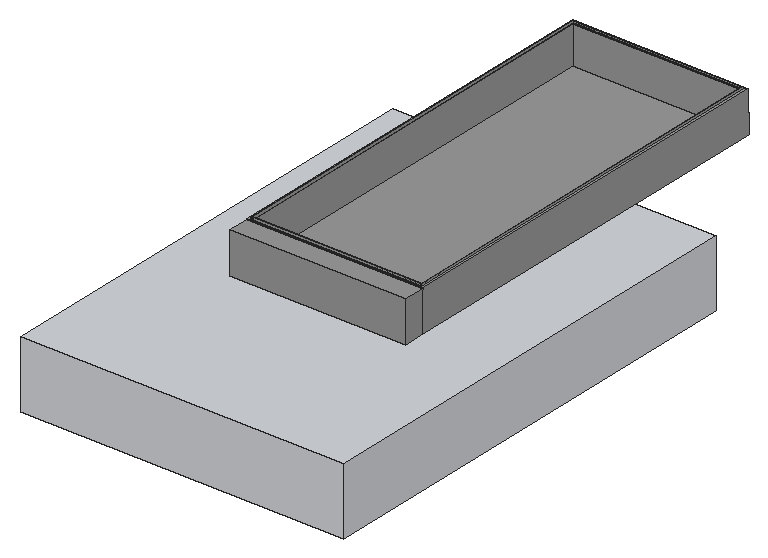
Revit family "Hager-Univers-IP30-D205-H1950-Cl.II-Encl-CH-de", category Equipement électrique, Revit 2020
Family settings
  Hôte = Face
  Configuration du panneau = Deux colonnes, circuits au sein
  Cote de connecteur circulaire = Utiliser le diamètre
  Type d'élément = Tableau de raccordement
  Couper avec des vides une fois chargée = Non
  Partagée = Non
  Point de calcul de pièce = Non
Parameters (values of type "Bodenaufstellung IP30 B800 H1950 T205  - FP23S1N")
  Width Control [instance] = if([EF000008 - Breite] > Min Width, [EF000008 - Breite], Min Width)  # 800 mm
  Commentaires du type = [HG000003 - Bereich]  # "Univers"
  Thickness Door [instance] = if([EF009171 - Materialstärke Tür/Deckel] > 3 mm, 3 mm, [EF009171 - Materialstärke Tür/Deckel])  # 1 mm
  Seal Frame Offset [instance] = 17 mm  # constant formula
  Plinth Visibility [instance] = [HG000027 - Sockelhöhe] > 0 mm  # yes
  Model = ""
  Min Width [instance] = 100 mm  # constant formula
  Min Height [instance] = 100 mm  # constant formula
  Min Depth [instance] = (2 * [EF009170 - Materialstärke Gehäuse]) + 1 mm  # 3 mm
  Internal Frame Depth [instance] = (Door System Depth * 0.5)  # 9 mm
  Height Control [instance] = if([EF000040 - Höhe] > Min Height, [EF000040 - Höhe], Min Height)  # 1950 mm
  HG000027 - Sockelhöhe = 100 mm
  HG000026 - Stehend auf dem Boden = yes
  HG000024 - Höhe des unteren Teils = 800 mm
  HG000023 - Gehäuse mit doppeltem Querschnitt = no
  HG000016 - 3D-Türsichtbarkeit [instance] = yes
  HG000015 - Sichtbarkeit der Türöffnung [instance] = no
  HG000014 - Tür rechts [instance] = yes
  HG000013 - Tür links [instance] = not([HG000014 - Tür rechts])  # no
  HG000012 - Türschwenkwinkel [instance] = 30.00°
  HG000010 - Asymmetrische Türen = no
  HG000009 - Doppelflügeligen Tür = no
  HG000006 - Unterputz = no
  HG000004 - Herstellerreferenz = "FP23S1N"
  HG000003 - Bereich = "Univers"
  HG000002 - Mit tür = no
  Frame Offset Bottom [instance] = 10 mm  # constant formula
  Frame Offset [instance] = 15 mm  # constant formula
  EF015940 - Deckel mit Überdruckentlastung = no
  EF011959 - Schutzart (NEMA) = ""
  EF009554 - Anzahl der Öffnungen für Flanschplatten = 6
  Fabricant = "Hager"  # constant formula
  EF009212 - Ausführung Deckel = "EV009916 - mit Ausschnitt"
  EF009171 - Materialstärke Tür/Deckel = 1 mm
  EF009170 - Materialstärke Gehäuse = 1 mm
  EF008873 - Nennstrom (In) = 400 A
  EF007800 - Geeignet für Blitzschutz = no
  EF006306 - Mit Schloss = no
  EF006244 - Transparenter Deckel/Tür = no
  EF005474 - Schutzart (IP) = "EV006410 - IP30"
  EF004464 - Art der Tür = "EV000494 - ohne"
  EF004427 - Anzahl der Module = 432
  EF004293 - Schlagfestigkeit = "EV006813 - IK07"
  EF003532 - Geeignet für Außengebrauch = no
  EF002950 - Breite in Teilungseinheiten = 36
  EF001613 - Funktionserhalt = "EV000494 - ohne"
  EF001596 - Werkstoff des Gehäuses = "EV000179 - Stahl"
  EF001131 - Innentiefe = 130 mm
  EF001088 - Anbaumöglichkeit = yes
  EF000437 - Anzahl der Leitungseinführungen = 6
  EF000339 - Art der Abdeckung = "EV000494 - ohne"
  EF000266 - Anzahl der Reihen = 12
  EF000218 - Einbautiefe = 0 mm
  EF000118 - Mit Montageplatte = no
  EF000116 - RAL-Nummer = "9010"
  EF000049 - Tiefe = 205 mm
  EF000040 - Höhe = 1950 mm
  EF000008 - Breite = 800 mm
  EF000007 - Farbe = "EV000202 - weiß"
  EF000003 - Montageart = "EV012274 - Bodenaufstellung"
  Door System Leaf Tolerance [instance] = 1.5 mm  # constant formula
  Door System Depth [instance] = 18 mm  # constant formula
  Door Height [instance] = Height Control - [HG000027 - Sockelhöhe]  # 1850 mm
  Depth Control [instance] = if([EF000049 - Tiefe] > Min Depth, [EF000049 - Tiefe], Min Depth)  # 205 mm
  Default Elevation = 0 mm
  Connector Offset [instance] = Height Control / 2  # 975 mm
  Bottom Top Plate Trim [instance] = 1.5 mm  # constant formula
  Plinth height Ctrl [instance] = if([HG000027 - Sockelhöhe] > 0 mm, [HG000027 - Sockelhöhe], 12 mm)  # 100 mm
Types (5, lengths in mm): name | Width Control | HG000004 - Herstellerreferenz | EF009554 - Anzahl der Öffnungen für Flanschplatten | EF008873 - Nennstrom (In) | EF004427 - Anzahl der Module | EF002950 - Breite in Teilungseinheiten | EF000437 - Anzahl der Leitungseinführungen | EF000008 - Breite
  Bodenaufstellung IP30 B1050 H1950 T205  - FP24S1N | 1050 | "FP24S1N" | 8 | 400 A | 576 | 48 | 8 | 1050
  Bodenaufstellung IP30 B1300 H1950 T205  - FP25S1N | 1300 | "FP25S1N" | 10 | 400 A | 720 | 60 | 10 | 1300
  Bodenaufstellung IP30 B300 H1950 T205  - FP21S1N | 300 | "FP21S1N" | 2 | 250 A | 144 | 12 | 2 | 300
  Bodenaufstellung IP30 B550 H1950 T205  - FP22S1N | 550 | "FP22S1N" | 4 | 400 A | 288 | 24 | 4 | 550
  Bodenaufstellung IP30 B800 H1950 T205  - FP23S1N | 800 | "FP23S1N" | 6 | 400 A | 432 | 36 | 6 | 800
Reference planes
  plane 1 "Center (Front/Back)": y = 0
  plane 2: z = 0
  plane 3 "Center (Left/Right)": x = 0
  plane 4: z = 205
  plane 5: y = 101
  plane 6: y = 1025
  plane 7: y = 100
  plane 8: y = 1950
  plane 9: z = 0
  plane 10: x = -385
  plane 11: x = 385
  plane 12: x = 384
  plane 13: x = -384
  plane 14: y = 1949
  plane 15: x = -383
  plane 16: x = -400
  plane 17: x = 383
  plane 18: x = 400
  plane 19: x = 399
  plane 20: x = -399
  plane 21: y = 111
  plane 22: y = 1950
  plane 23: y = 1934
  plane 24: z = 187
  plane 25: z = 1
  plane 26: z = 186
  plane 27: z = 204
Forms (mm)
  Extrusion 1, solid
    sketch origin (0, 0, 0) x (1, 0, 0) y (0, 1, 0)
      loop
        line (-702.964, 1305) -> (-702.964, -811.445) -> (766.763, -811.445) -> (766.763, 1305) -> (-702.964, 1305)
    from 0 to -304.8
  Extrusion 2, solid, material "Hager_Steel_RAL7035_Light_Grey", visible <- "Plinth Visibility", detail levels medium+fine
    sketch origin (0, 0, 0) x (1, 0, 0) y (0, 1, 0)
      loop
        line (-400, 0) -> (400, 0) -> (400, 100) -> (-400, 100) -> (-400, 0)
    from 0 to 187
  Extrusion 3, solid, material "Hager_Steel_RAL7035_Light_Grey", detail levels medium+fine
    sketch origin (0, 0, 0) x (1, 0, 0) y (0, 1, 0)
      loop
        line (-400, 100) -> (400, 100) -> (400, 1950) -> (-400, 1950) -> (-400, 100)
    from 0 to 187
  Extrusion 4, void
    sketch origin (0, 0, 0) x (1, 0, 0) y (0, 1, 0)
      loop
        line (-399, 101) -> (399, 101) -> (399, 1949) -> (-399, 1949) -> (-399, 101)
    from 1 to 186
  Extrusion 5, void
    sketch origin (-381.607, -4572, 187) x (0, -1, 0) y (-1, 0, 0)
      loop
        line (-4683, 2.393) -> (-6506, 2.393) -> (-6506, -765.607) -> (-4683, -765.607) -> (-4683, 2.393)
    from 0 to 1 <- "EF009170 - Materialstärke Gehäuse"
  Extrusion 6, solid, material "Hager_Steel_RAL7035_Light_Grey", detail levels fine
    sketch origin (0, 0, 187) x (1, 0, 0) y (0, 1, 0)
      loop
        line (-384, 1934) -> (-384, 111) -> (384, 111) -> (384, 1934) -> (-384, 1934)
      loop
        line (-385, 110) -> (385, 110) -> (385, 1935) -> (-385, 1935) -> (-385, 110)
    from 0 to 9 <- "Internal Frame Depth"
  Extrusion 7, solid, material "Hager_Steel_RAL7035_Light_Grey", detail levels coarse
    sketch origin (0, 0, 0) x (1, 0, 0) y (0, 1, 0)
      loop
        line (-400, 0) -> (400, 0) -> (400, 1950) -> (-400, 1950) -> (-400, 0)
    from 0 to 205
  Sweep 8, void
    path in 3D
      loop
        line (-400, 100, 0) -> (400, 100, 0) -> (400, 100, 187) -> (-400, 100, 187) -> (-400, 100, 0)
    profile origin (-400, 100, 93.5) x (-1, 0, 0) y (0, -1, 0)
      loop
        line (0, 0) -> (0, 1.5) -> (-1.5, 1.5)
        arc (-1.5, 1.5) -> (-1.061, 0.439) -> (0, 0) r 1.5
Cuts and joins
  Extrusion 4, Extrusion 5 cuts Extrusion 3
  Sweep 8 cuts Extrusion 2
Lines and regions (mm)
  Masking region 1
    outline origin (0, 0, 0) x (1, 0, 0) y (0, 0, 1)
      loop
        line (-400, 205) -> (-400, 0) -> (400, 0) -> (400, 205) -> (-400, 205)
  Masking region 2, detail levels medium+fine
    outline origin (0, 140, 0) x (0, 1, 0) y (0, 0, 1)
      loop
        line (-40, 0) -> (1810, 0) -> (1810, 187) -> (-40, 187) -> (-40, 0)
  Masking region 3, not visible, detail levels medium+fine
    outline origin (0, 297.922, 0) x (0, 1, 0) y (0, 0, 1)
      loop
        line (738.578, 0) -> (778.578, 0) -> (778.578, 194)
        arc (778.578, 194) -> (775.649, 201.071) -> (768.578, 204) r 10
        line (768.578, 204) -> (738.578, 204) -> (738.578, 0)
  Masking region 4, detail levels coarse
    outline origin (0, 0, 180) x (0, 1, 0) y (0, 0, 1)
      loop
        line (0, -180) -> (1950, -180) -> (1950, 25) -> (0, 25) -> (0, -180)
  Masking region 5, visible <- "Plinth Visibility", detail levels medium+fine
    outline origin (0, 52.24, 12.345) x (0, 0, -1) y (0, 1, 0)
      loop
        line (10.845, 47.76) -> (-173.155, 47.76)
        arc (-173.155, 47.76) -> (-173.594, 46.699) -> (-174.655, 46.26) r 1.5
        line (-174.655, 46.26) -> (-174.655, -52.24) -> (12.345, -52.24) -> (12.345, 46.26)
        arc (12.345, 46.26) -> (11.285, 46.699) -> (10.845, 47.76) r 1.5
  Masking region 6, detail levels medium+fine
    outline origin (-381.607, -4572, 187) x (-1, 0, 0) y (0, -1, 0)
      loop
        line (18.393, -6522) -> (18.393, -4672) -> (-781.607, -4672) -> (-781.607, -6522) -> (18.393, -6522)
  Masking region 7, visible <- "Plinth Visibility", detail levels medium+fine
    outline origin (-381.607, -4727, 187) x (-1, 0, 0) y (0, -1, 0)
      loop
        arc (16.893, -4827) -> (17.332, -4825.939) -> (18.393, -4825.5) r 1.5
        line (18.393, -4825.5) -> (18.393, -4727) -> (-781.607, -4727) -> (-781.607, -4825.5)
        arc (-781.607, -4825.5) -> (-780.546, -4825.939) -> (-780.107, -4827) r 1.5
        line (-780.107, -4827) -> (16.893, -4827)
  Masking region 8, detail levels coarse
    outline origin (-442.548, -4669.526, 187) x (-1, 0, 0) y (0, -1, 0)
      loop
        line (-42.548, -6619.526) -> (-42.548, -4669.526) -> (-842.548, -4669.526) -> (-842.548, -6619.526) -> (-42.548, -6619.526)
  sketch lines
    curve 1: line (-400, 100, 187) -> (-400, 100, 0)
    curve 2: line (400, 100, 187) -> (-400, 100, 187)
    curve 3: line (400, 100, 187) -> (400, 100, 0)
    curve 4: line (-400, 100, 0) -> (400, 100, 0)
Dimensions and locks
  "Depth Control": plane 4 to Extrusion 1
  "HG000027 - Sockelhöhe": plane 1 "Center (Front/Back)" to plane 7
  "EF009170 - Materialstärke Gehäuse": plane 5 to plane 7
  locked: connector elem to plane 3 "Center (Left/Right)"
  equal spacing: plane 8, plane 6, plane 7
  locked: connector elem to plane 6
  "EF009170 - Materialstärke Gehäuse": plane 8 to plane 14
  "EF009170 - Materialstärke Gehäuse": plane 10 to plane 13
  "EF009170 - Materialstärke Gehäuse": plane 12 to plane 11
  "Frame Offset": plane 20 to plane 13
  "Frame Offset": plane 12 to plane 19
  "EF009170 - Materialstärke Gehäuse": plane 16 to plane 20
  "EF009170 - Materialstärke Gehäuse": plane 19 to plane 18
  "Seal Frame Offset": plane 16 to plane 15
  "Seal Frame Offset": plane 17 to plane 18
  "Frame Offset Bottom": plane 21 to plane 5
  "Frame Offset": plane 14 to plane 23
  equal spacing: plane 16, plane 3 "Center (Left/Right)", plane 18
  "Width Control": plane 16 to plane 18
  "EF009170 - Materialstärke Gehäuse": plane 4 to plane 27
  "EF009170 - Materialstärke Gehäuse": plane 24 to plane 26
  "EF009170 - Materialstärke Gehäuse": plane 25 to level
  "Door System Depth": plane 4 to plane 24
  "Height Control": plane 1 "Center (Front/Back)" to Extrusion 7 sketch curve
  "Height Control": Masking region 4 sketch curve to plane 1 "Center (Front/Back)"
  "Height Control": plane 1 "Center (Front/Back)" to plane 22
  "Bottom Top Plate Trim": profile plane to Sweep 8 sketch curve
  "Bottom Top Plate Trim": Sweep 8 sketch curve to profile plane
  "Plinth height Ctrl": plane 1 "Center (Front/Back)" to Extrusion 2 sketch curve
  "Plinth height Ctrl": Masking region 5 sketch curve to plane 1 "Center (Front/Back)"
  "Plinth height Ctrl": plane 1 "Center (Front/Back)" to Masking region 7 sketch curve
  "Thickness Door": Extrusion 6 sketch curve to Extrusion 6 sketch curve  (x3)
  "Thickness Door": cut or joined group of Extrusion 3, Extrusion 4, Extrusion 5 to Extrusion 6 sketch curve
  radius of Masking region 3 sketch curve = 10 mm
  "Bottom Top Plate Trim": radius of Masking region 5 sketch curve  (x2)
  "Bottom Top Plate Trim": radius of Sweep 8 sketch curve
  "Bottom Top Plate Trim": radius of Masking region 7 sketch curve  (x2)
  aligned and locked: plane 2 to Extrusion 1
  aligned and locked: level to Extrusion 1
  aligned and locked: level to Masking region 1 sketch curve
  aligned and locked: Masking region 1 sketch curve to plane 18
  aligned and locked: Masking region 1 sketch curve to plane 16
  aligned and locked: plane 7 to Masking region 2 sketch curve
  aligned and locked: level to Masking region 3 sketch curve
  aligned and locked: Masking region 3 sketch curve to plane 27
  aligned and locked: level to Masking region 2 sketch curve
  aligned and locked: plane 1 "Center (Front/Back)" to Extrusion 2 sketch curve
  aligned and locked: Extrusion 3 sketch curve to plane 7
  aligned and locked: plane 16 to Extrusion 3 sketch curve
  aligned and locked: plane 18 to Extrusion 3 sketch curve
  aligned and locked: plane 20 to Extrusion 4 sketch curve
  aligned and locked: plane 19 to Extrusion 4 sketch curve
  aligned and locked: Extrusion 4 sketch curve to plane 5
  aligned and locked: Extrusion 4 to plane 25
  aligned and locked: plane 26 to Extrusion 4
  aligned and locked: plane 24 to Extrusion 3
  aligned and locked: Extrusion 5 sketch curve to plane 21
  aligned and locked: Extrusion 5 sketch curve to plane 13
  aligned and locked: Extrusion 5 sketch curve to plane 12
  aligned and locked: plane 18 to Extrusion 7 sketch curve
  aligned and locked: plane 1 "Center (Front/Back)" to Extrusion 7 sketch curve
  aligned and locked: plane 16 to Extrusion 7 sketch curve
  aligned and locked: plane 4 to Extrusion 7
  aligned and locked: Extrusion 7 to level
  aligned and locked: level to Masking region 4 sketch curve
  aligned and locked: Masking region 4 sketch curve to plane 1 "Center (Front/Back)"
  aligned and locked: Masking region 4 sketch curve to plane 4
  aligned and locked: nested 1 to level
  aligned and locked: nested 1 to plane 16
  aligned and locked: plane 8 to Extrusion 3 sketch curve
  aligned and locked: plane 23 to Extrusion 5 sketch curve
  aligned and locked: plane 14 to Extrusion 4 sketch curve
  aligned and locked: Masking region 2 sketch curve to plane 8
  aligned and locked: level to Masking region 5 sketch curve
  aligned and locked: plane 16 to Extrusion 2 sketch curve
  aligned and locked: plane 18 to Extrusion 2 sketch curve
  aligned and locked: Masking region 5 sketch curve to plane 24
  aligned and locked: Masking region 2 sketch curve to plane 24
  aligned and locked: plane 24 to Extrusion 2
  aligned and locked: profile plane to Sweep 8 sketch curve  (x2)
  aligned and locked: Masking region 6 sketch curve to plane 18
  aligned and locked: Masking region 6 sketch curve to plane 22
  aligned and locked: Masking region 6 sketch curve to plane 16
  aligned and locked: plane 8 to plane 22
  aligned and locked: Masking region 6 sketch curve to plane 7
  aligned and locked: Masking region 7 sketch curve to plane 16
  aligned and locked: Masking region 7 sketch curve to plane 1 "Center (Front/Back)"
  aligned and locked: Masking region 7 sketch curve to plane 18
  aligned and locked: Masking region 8 sketch curve to plane 1 "Center (Front/Back)"
  aligned and locked: Masking region 8 sketch curve to plane 18
  aligned and locked: Masking region 8 sketch curve to plane 22
  aligned and locked: Masking region 8 sketch curve to plane 16
  aligned and locked: nested 2 to plane 7
  aligned and locked: plane 3 "Center (Left/Right)" to nested 2
  aligned and locked: nested 2 to plane 24
  aligned and locked: Extrusion 6 sketch curve to cut or joined group of Extrusion 3, Extrusion 4, Extrusion 5  (x4)
Automatic sketch dimensions
  Extrusion 1 sketch curve to Extrusion 1 sketch curve = 1469.727 mm
  Extrusion 1 sketch curve to Extrusion 1 sketch curve = 2116.445 mm
  Masking region 1 sketch curve to plane 4 = 0 mm
  plane 6 to Masking region 3 sketch curve = 11.5 mm
  Masking region 3 sketch curve to Masking region 3 sketch curve = 30 mm
  Masking region 5 sketch curve to plane 1 "Center (Front/Back)" = 0 mm
Nested families
  nested 1: "Hager_Enclosure_Symbol" at (-400, 0, 0) x (1, 0, 0) z (0, -1, 0), Height <- "Depth Control", Width <- "Width Control", type "Hager_Enclosure_Symbol"
    with Width_Ctrl 800 mm, Width 800 mm, Height_Ctrl 205 mm, Height 205 mm, A_Width_Int 13.453 mm, A_Width 161.438 mm, A_Height_Ctrl 179.375 mm, A_Height 179.375 mm
  nested 2: "EC000058_Univers_Door" at (0, 100, 187) x (1, 0, 0) z (0, 1, 0), Leaf_Tolerance <- "Door System Leaf Tolerance", Angle <- "HG000012 - Türschwenkwinkel", Door_Depth <- "Door System Depth", Door_Left <- "HG000013 - Tür links", Transparent <- "EF006244 - Transparenter Deckel/Tür", Assymetrical <- "HG000010 - Asymmetrische Türen", Width <- "Width Control", Clearance <- "HG000015 - Sichtbarkeit der Türöffnung", Double <- "HG000009 - Doppelflügeligen Tür", 3d_Door <- "HG000016 - 3D-Türsichtbarkeit", Lock_Visibility <- "EF006306 - Mit Schloss", Width_Ctrl <- "Width Control", Door_Right <- "HG000014 - Tür rechts", Door <- "HG000002 - Mit tür", Height <- "Door Height", Thickness <- "Thickness Door", type "EC000058_Univers_Door", detail levels medium+fine
    with min_wh 3 mm, Width_Ctrl 800 mm, Width 800 mm, Transparent no, Thickness 1 mm, Seal_Material Hager_Rubber, Lock_Visibility no, Lock_Material Hager_Plastic_RAL9005_Jet_Black, Leaf_Width 800 mm, Leaf_Tolerance_External_Sides 0 mm, Leaf_Tolerance 1.5 mm, Leaf_Offset 0 mm, Leaf_Height 1847 mm, Leaf_2_Width 800 mm, Leaf_2_Offset 400 mm, Leaf_1_Width 800 mm, Leaf_1_Offset 400 mm, Height_Ctrl 1850 mm, Height 1850 mm, Glass_Material Hager_Glass, Double_Clearance_Ctrl no, Double no, Door_Right_Ctrl no, Door_Right yes, Door_Material Hager_Steel_RAL7035_Light_Grey, Door_Left_Ctrl no, Door_Left no, Door_Depth 18 mm, Door no, Clearance_Material Hager_Clearance, Clearance_Depth 800 mm, Clearance_Ctrl no, Clearance no, Assymetrical no, Angle 30.00°, 3d_Door yes
Connectors
  electrical at (0, 1025, 0)
    settings: on plane 9, index 1, voltage 0 V, apparent load 0 VA, apparent load phase1 0 VA, apparent load phase2 0 VA, apparent load phase3 0 VA, power factor 1, load classification "Other", number of poles 1, system type 30, power factor state 1, is connector primary yes, connector utility no, sub classification motor no, connector description ""
Definition of nested family "Hager_Enclosure_Symbol"
  Parameters (values of type "Hager_Enclosure_Symbol")
    Width_Ctrl [instance] = if(Width > 1 mm, Width, 1 mm)  # 102.27 mm
    Width [instance] = 102.27 mm
    Height_Ctrl [instance] = if(Height > 1 mm, Height, 1 mm)  # 66.5 mm
    A_Width_Int [instance] = if(A_Width / 12 > 2 mm, A_Width / 12, 2 mm)  # 4.364 mm
    A_Width [instance] = if(A_Height_Ctrl * 0.9 > 2 mm, A_Height_Ctrl * 0.9, 2 mm)  # 52.369 mm
    A_Height_Ctrl [instance] = if(A_Height > 2 mm, A_Height, 2 mm)  # 58.188 mm
    Height [instance] = 66.5 mm
    A_Height [instance] = Height - (Height / 8)  # 58.188 mm
  Reference planes
    plane 1 "Centre (avant/arrière)": y = 0
    plane 2: z = 0
    plane 3 "Centre (gauche/droite)": x = 0
    plane 4: x = 52.369
    plane 5: y = 33.042
    plane 6: y = 41.77
    plane 7: y = 66.5
    plane 8: x = 26.184
    plane 9: y = 37.406
    plane 10: x = 102.27
    plane 11: y = 66.5
    plane 12: y = 8.313
  Lines and regions (mm)
    Filled region 1, type "Solid_Black", in view "Niveau de réf."
      outline origin (0, 0, 0) x (1, 0, 0) y (0, 1, 0)
        loop
          line (52.369, 66.5) -> (33.188, 54.536) -> (45.365, 45.006) -> (52.369, 66.5)
    Filled region 2, type "Solid_Black", in view "Niveau de réf."
      outline origin (0, 0, 0) x (1, 0, 0) y (0, 1, 0)
        loop
          line (0, 0) -> (102.27, 0) -> (102.27, 66.5) -> (0, 0)
    detail lines, in view "Niveau de réf."
      curve 1: line (0, 8.313, 0) -> (26.184, 41.77, 0)
      curve 2: line (26.184, 41.77, 0) -> (26.184, 33.042, 0)
      curve 3: line (26.184, 33.042, 0) -> (52.369, 66.5, 0)
  Dimensions and locks
    "A_Width": plane 3 "Centre (gauche/droite)" to plane 4
    equal spacing: plane 3 "Centre (gauche/droite)", plane 8, plane 4
    equal spacing: plane 6, plane 9, plane 5
    equal spacing: curve 3, Filled region 1 sketch curve, Filled region 1 sketch curve
    "Height_Ctrl": plane 1 "Centre (avant/arrière)" to plane 11
    "A_Height_Ctrl": plane 11 to plane 12
    equal spacing: plane 11, plane 9, plane 12
    "A_Width_Int": plane 6 to plane 9
    "Width_Ctrl": plane 3 "Centre (gauche/droite)" to plane 10
    angle Filled region 1 sketch curve to curve 3 = 20.00°
    angle curve 3 to Filled region 1 sketch curve = 20.00°
    locked: curve 3 to Filled region 1 sketch curve (angle 90.00°)
    aligned and locked: plane 10 to Filled region 2
    aligned and locked: plane 11 to Filled region 2 sketch curve
    aligned and locked: plane 10 to Filled region 2 sketch curve
    aligned and locked: plane 3 "Centre (gauche/droite)" to curve 1
    aligned and locked: plane 12 to curve 1
    aligned and locked: plane 7 to plane 11
  Automatic sketch dimensions
    Filled region 1 sketch curve to plane 4 = 0 mm
    Filled region 1 sketch curve to plane 7 = 0 mm
    plane 1 "Centre (avant/arrière)" to Filled region 2 sketch curve = 0 mm
    Filled region 2 sketch curve to plane 3 "Centre (gauche/droite)" = 0 mm
    curve 2 to plane 6 = 0 mm
    curve 2 to plane 8 = 0 mm
    curve 3 to plane 4 = 0 mm
    curve 2 to plane 5 = 0 mm
    curve 3 to plane 7 = 0 mm
Definition of nested family "EC000058_Univers_Door"
  Parameters (values of type "EC000058_Univers_Door")
    min_wh [instance] = (2 * Thickness) + 1 mm  # 11 mm
    Width_Ctrl [instance] = 400 mm
    Width [instance] = 500 mm
    Transparent [instance] = yes
    Thickness [instance] = 5 mm
    Seal_Material [instance] = none
    Lock_Visibility [instance] = yes
    Lock_Material [instance] = none
    Leaf_Width [instance] = if((Width_Ctrl - 2 * Leaf_Tolerance_External_Sides) > 0 mm, (Width_Ctrl - 2 * Leaf_Tolerance_External_Sides), min_wh)  # 400 mm
    Leaf_Tolerance_External_Sides [instance] = 0 mm  # constant formula
    Leaf_Tolerance [instance] = 1.5 mm
    Leaf_Offset [instance] = 0 mm  # constant formula
    Leaf_Height [instance] = if((Height_Ctrl - 2 * Leaf_Tolerance) > 0 mm, (Height_Ctrl - 2 * Leaf_Tolerance), min_wh)  # 497 mm
    Leaf_2_Width [instance] = if(and(and(Double, Assymetrical), Door_Left), (Leaf_Width / 3) - (Leaf_Tolerance / 2), if(and(and(Double, Assymetrical), Door_Right), (Leaf_Width / 3) * 2 - (Leaf_Tolerance / 2), if(and(Double, not(Assymetrical)), (Leaf_Width / 2) - Leaf_Tolerance, Leaf_Width)))  # 400 mm
    Leaf_2_Offset [instance] = if(and(Double, Assymetrical), Leaf_2_Width / 2, if(and(Double, not(Assymetrical)), Leaf_Width / 4, Leaf_Width / 2))  # 200 mm
    Leaf_1_Width [instance] = if(and(and(Double, Assymetrical), Door_Right), (Leaf_Width / 3) - (Leaf_Tolerance / 2), if(and(and(Double, Assymetrical), Door_Left), (Width / 3) * 2 - (Leaf_Tolerance / 2), if(and(Double, not(Assymetrical)), (Leaf_Width / 2) - Leaf_Tolerance, Leaf_Width)))  # 400 mm
    Leaf_1_Offset [instance] = if(and(Double, Assymetrical), Leaf_1_Width / 2, if(and(Double, not(Assymetrical)), Leaf_Width / 4, Leaf_Width / 2))  # 200 mm
    Height_Ctrl [instance] = if(Height > min_wh, Height, min_wh)  # 500 mm
    Height [instance] = 500 mm
    Glass_Material [instance] = none
    Double_Clearance_Ctrl [instance] = and(Double, Clearance)  # no
    Double [instance] = no
    Door_Right_Ctrl [instance] = and(or(Door_Right, Double), Door)  # yes
    Door_Right [instance] = yes
    Door_Material [instance] = none
    Door_Left_Ctrl [instance] = and(or(Door_Left, Double), Door)  # no
    Door_Left [instance] = no
    Door_Depth [instance] = 30 mm
    Door [instance] = yes
    Default Elevation = 1219.2 mm
    Clearance_Material [instance] = none
    Clearance_Depth [instance] = if(Leaf_1_Width > Leaf_2_Width, Leaf_1_Width, Leaf_2_Width)  # 400 mm
    Clearance_Ctrl [instance] = and(not(Double), Clearance)  # yes
    Clearance [instance] = yes
    Assymetrical [instance] = yes
    Angle [instance] = 30.00°
    3d_Door [instance] = yes
  Reference planes
    plane 1 "Center (Front/Back)": y = 0
    plane 2 "Bottom": z = 0
    plane 3 "Center (Left/Right)": x = 0
    plane 4: z = 500
    plane 5: x = -200
    plane 6: x = 200
    plane 7: z = 500
    plane 8: x = -200
    plane 9: z = 0
    plane 10: x = 200
    plane 11: y = 0
    plane 12: z = 1.5
    plane 13: x = -600
    plane 14: y = -400
    plane 15: x = 600
    plane 16: x = 0
    plane 17: x = 0
    plane 18: x = -200
    plane 19: x = 200
    plane 20: z = 498.5
  Forms (mm)
    Extrusion 1, solid, material <- "Clearance_Material", visible <- "Double_Clearance_Ctrl"
      sketch origin (1200, 0, 0) x (1, 0, 0) y (0, 0, -1)
        loop
          line (-1800, -498.5) -> (-600, -498.5) -> (-600, 0) -> (-1800, 0) -> (-1800, -498.5)
      from 0 to -400
  Dimensions and locks
    equal spacing: plane 5, plane 3 "Center (Left/Right)", plane 6
    "Width_Ctrl": plane 5 to plane 6
    "Leaf_Offset": plane 5 to plane 8
    "Leaf_Offset": plane 6 to plane 10
    "Leaf_Offset": plane 9 to level
    "Leaf_Offset": plane 4 to plane 7
    "Height_Ctrl": plane 4 to level
    "Leaf_Tolerance": plane 12 to plane 9
    locked: plane 11 to plane 1 "Center (Front/Back)"
    "Leaf_1_Offset": plane 18 to plane 16
    "Leaf_2_Offset": plane 17 to plane 19
    "Leaf_1_Width": plane 13 to plane 8
    "Leaf_2_Width": plane 10 to plane 15
    "Clearance_Depth": plane 14 to plane 1 "Center (Front/Back)"
    "Leaf_Tolerance_External_Sides": plane 8 to plane 18
    "Leaf_Tolerance_External_Sides": plane 19 to plane 10
    "Leaf_Tolerance": plane 7 to plane 20
    aligned and locked: level to plane 2 "Bottom"
    aligned and locked: nested 1 to plane 16
    aligned and locked: nested 2 to plane 17
    aligned and locked: Extrusion 1 to plane 13
    aligned and locked: plane 15 to Extrusion 1
    aligned and locked: Extrusion 1 to plane 14
    aligned and locked: plane 12 to nested 1
    aligned and locked: nested 2 to plane 12
    aligned and locked: Extrusion 1 to plane 11
    aligned and locked: plane 20 to Extrusion 1
    aligned and locked: nested 2 to plane 11
    aligned and locked: nested 1 to plane 11
  Automatic sketch dimensions
    Extrusion 1 sketch curve to level = 0 mm
    plane 5 to Extrusion 1 sketch curve = 400 mm
    plane 6 to Extrusion 1 sketch curve = 400 mm
    Extrusion 1 sketch curve to plane 4 = 1.5 mm
  Nested families
    nested 1: "EC000058_Univers_Door_Leaf" at (0, 0, 1.5), Width <- "Leaf_1_Width", visible <- "Door_Left_Ctrl", Leaf_Height <- "Leaf_Height", Angle <- "Angle", 3d_Door <- "3d_Door", Transparent <- "Transparent", Clearance Material <- "Clearance_Material", Clearance <- "Clearance_Ctrl", Door_Material <- "Door_Material", Glass_Material <- "Glass_Material", Door_Depth <- "Door_Depth", Lock_Material <- "Lock_Material", Seal_Material <- "Seal_Material", Lock_Visibility <- "Lock_Visibility", Thickness <- "Thickness", type "EC000058_Univers_Door_Leaf"
      with Width 400 mm, Transparent_Glass_Offset 30 mm, Transparent_Ctrl yes, Transparent yes, Thickness 5 mm, Standard no, Seal_Material none, Seal_D2 8 mm, Seal_D1 1 mm, Offset_Internal_Frame 10 mm, Lock_Width 20 mm, Lock_Visibility_3d yes, Lock_Visibility yes, Lock_Thickness_3 3 mm, Lock_Thickness_2 1 mm, Lock_Thickness_1 3 mm, Lock_Radius_Offset_2 16 mm, Lock_Radius_Offset_1 15 mm, Lock_Radius_2 5 mm, Lock_Radius 6 mm, Lock_Offset 5 mm, Lock_Material none, Lock_Height 80 mm, Lock_Cover_Top_Offset_2d 17 mm, Lock_Cover_Height -65 mm, Leaf_Height 497 mm, Internal_Seal_Thickness 8 mm, Internal_Seal_Depth_2 4.5 mm, Internal_Frame_Depth 25 mm, Glass_Thickness -1 mm, Glass_Offset -2 mm, Glass_Material none, Door_Material none, Door_Depth 30 mm, Clearance Material none, Clearance yes, Angle_Ctrl 30.00°, Angle 30.00°, 3d_Door yes
    nested 2: "EC000058_Univers_Door_Leaf" at (0, 0, 1.5) x (-1, 0, 0) z (0, 0, 1), Width <- "Leaf_2_Width", visible <- "Door_Right_Ctrl", Leaf_Height <- "Leaf_Height", Angle <- "Angle", 3d_Door <- "3d_Door", Transparent <- "Transparent", Clearance Material <- "Clearance_Material", Clearance <- "Clearance_Ctrl", Door_Material <- "Door_Material", Glass_Material <- "Glass_Material", Door_Depth <- "Door_Depth", Lock_Material <- "Lock_Material", Seal_Material <- "Seal_Material", Lock_Visibility <- "Lock_Visibility", Thickness <- "Thickness", type "EC000058_Univers_Door_Leaf"
      with Width 400 mm, Transparent_Glass_Offset 30 mm, Transparent_Ctrl yes, Transparent yes, Thickness 5 mm, Standard no, Seal_Material none, Seal_D2 8 mm, Seal_D1 1 mm, Offset_Internal_Frame 10 mm, Lock_Width 20 mm, Lock_Visibility_3d yes, Lock_Visibility yes, Lock_Thickness_3 3 mm, Lock_Thickness_2 1 mm, Lock_Thickness_1 3 mm, Lock_Radius_Offset_2 16 mm, Lock_Radius_Offset_1 15 mm, Lock_Radius_2 5 mm, Lock_Radius 6 mm, Lock_Offset 5 mm, Lock_Material none, Lock_Height 80 mm, Lock_Cover_Top_Offset_2d 17 mm, Lock_Cover_Height -65 mm, Leaf_Height 497 mm, Internal_Seal_Thickness 8 mm, Internal_Seal_Depth_2 4.5 mm, Internal_Frame_Depth 25 mm, Glass_Thickness -1 mm, Glass_Offset -2 mm, Glass_Material none, Door_Material none, Door_Depth 30 mm, Clearance Material none, Clearance yes, Angle_Ctrl 30.00°, Angle 30.00°, 3d_Door yes
  Definition of nested family "EC000058_Univers_Door_Leaf"
    Parameters (values of type "EC000058_Univers_Door_Leaf")
      Width [instance] = 2000 mm
      Transparent_Glass_Offset [instance] = 30 mm
      Transparent_Ctrl [instance] = and(Transparent, [3d_Door])  # yes
      Transparent [instance] = yes
      Thickness [instance] = 5 mm
      Standard [instance] = and(not(Transparent), [3d_Door])  # no
      Seal_Material [instance] = none
      Seal_D2 [instance] = 8 mm  # constant formula
      Seal_D1 [instance] = 1 mm  # constant formula
      Offset_Internal_Frame [instance] = 10 mm  # constant formula
      Lock_Width [instance] = 20 mm  # constant formula
      Lock_Visibility_3d [instance] = and(Lock_Visibility, [3d_Door])  # yes
      Lock_Visibility [instance] = yes
      Lock_Thickness_3 [instance] = 3 mm  # constant formula
      Lock_Thickness_2 [instance] = 1 mm  # constant formula
      Lock_Thickness_1 [instance] = 3 mm  # constant formula
      Lock_Radius_Offset_2 [instance] = Lock_Radius_Offset_1 + 1 mm  # 16 mm
      Lock_Radius_Offset_1 [instance] = 15 mm  # constant formula
      Lock_Radius_2 [instance] = Lock_Radius - 1 mm  # 5 mm
      Lock_Radius [instance] = 6 mm  # constant formula
      Lock_Offset [instance] = 5 mm  # constant formula
      Lock_Material [instance] = none
      Lock_Height [instance] = 80 mm  # constant formula
      Lock_Cover_Top_Offset_2d [instance] = Lock_Radius_Offset_2 + 1 mm  # 17 mm
      Lock_Cover_Height [instance] = -(Lock_Height - Lock_Radius_Offset_1)  # -65 mm
      Leaf_Height [instance] = 2720.336 mm
      Internal_Seal_Thickness [instance] = 8 mm  # constant formula
      Internal_Seal_Depth_2 [instance] = 4.5 mm  # constant formula
      Internal_Frame_Depth [instance] = if(Door_Depth - Thickness > 5 mm, Door_Depth - Thickness, 5 mm)  # 25 mm
      Glass_Thickness [instance] = if(Thickness > 15 mm, Glass_Offset + 10 mm, -1 mm)  # -1 mm
      Glass_Offset [instance] = if(Thickness > 15 mm, -(Thickness + 10 mm) / 2, -2 mm)  # -2 mm
      Glass_Material [instance] = none
      Door_Material [instance] = none
      Door_Depth [instance] = 30 mm
      Default Elevation = 0 mm
      Clearance Material [instance] = none
      Clearance [instance] = yes
      Angle_Ctrl [instance] = if(Angle > 180.00°, 180.00°, Angle)  # 90.00°
      Angle [instance] = 90.00°
      3d_Door [instance] = yes
    Reference planes
      plane 1 "Center (Front/Back)": y = 0
      plane 2: z = 0
      plane 3 "Center (Left/Right)": x = 0
      plane 4: y = 2000
      plane 5: x = -1000
      plane 6: x = 1000
      plane 7: x = -3000
      plane 8: z = 2720.336
      plane 9: z = 30
      plane 10: z = 2690.336
      plane 11: x = 970
      plane 12: x = -970
      plane 13: y = -3
      plane 14: z = 107.833
      plane 15: y = -5
      plane 16: y = -223.314
      plane 17: x = -1000
      plane 18: z = 1360.168
      plane 19: y = 30
    Forms (mm)
      Extrusion 1, solid, material <- "Clearance Material", visible <- "Clearance"
        sketch origin (0, 0, 0) x (1, 0, 0) y (0, 0, 1)
          loop
            line (-3000, 2720.336) -> (-3000, 0) -> (1000, 0) -> (1000, 2720.336) -> (-3000, 2720.336)
        from 0 to -2000
      Extrusion 2, solid, material <- "Door_Material", visible <- "Standard", detail levels medium+fine
        sketch origin (-1000, 0, 0) x (0, 1, 0) y (-1, 0, 0)
          loop
            line (0, 30) -> (0, 25) -> (2000, 25) -> (2000, 30) -> (0, 30)
        from 0 to 2720.336 <- "Leaf_Height"
      Extrusion 3, solid, material <- "Door_Material", visible <- "Transparent_Ctrl", detail levels medium+fine
        sketch origin (-1000, 0, 0) x (0, 1, 0) y (-1, 0, 0)
          loop
            line (0, 25) -> (2000, 25) -> (2000, 30) -> (0, 30) -> (0, 25)
        from 0 to 2720.336 <- "Leaf_Height"
      Extrusion 4, void
        sketch origin (-1025, 2000, 0) x (0, 1, 0) y (0, 0, -1)
          loop
            line (-30, -2690.336) -> (-30, -30) -> (-1970, -30) -> (-1970, -2690.336) -> (-30, -2690.336)
        from 0 to 5 <- "Thickness"
      Sweep 5, solid, material <- "Seal_Material", visible <- "Transparent_Ctrl", detail levels fine
        path in 3D
          loop
            line (-1025, 30, 30) -> (-1025, 30, 2690.336) -> (-1025, 1970, 2690.336) -> (-1025, 1970, 30) -> (-1025, 30, 30)
        profile origin (-1025, 1000, 30) x (1, 0, 0) y (0, 0, 1)
          loop
            line (0, 0) -> (0, -8) -> (1, -8) -> (1, 0) -> (0, 0)
      Extrusion 6, solid, material <- "Glass_Material", visible <- "Transparent_Ctrl", detail levels medium+fine
        sketch origin (-1030, 0, 0) x (0, 1, 0) y (0, 0, -1)
          loop
            line (1970, -2690.336) -> (1970, -30) -> (30, -30) -> (30, -2690.336) -> (1970, -2690.336)
        from -2 <- "Glass_Offset" to -1 <- "Glass_Thickness"
      Extrusion 7, solid, material <- "Door_Material", visible <- "3d_Door", detail levels medium+fine
        sketch origin (-1025, 2000, 0) x (0, -1, 0) y (0, 0, -1)
          loop
            line (0, -2720.336) -> (2000, -2720.336) -> (2000, 0) -> (0, 0) -> (0, -2720.336)
          loop
            line (1995, -5) -> (5, -5) -> (5, -2715.336) -> (1995, -2715.336) -> (1995, -5)
        from 0 to 25 <- "Internal_Frame_Depth"
      Sweep 8, solid, material <- "Seal_Material", visible <- "Transparent_Ctrl", detail levels fine
        path in 3D
          loop
            line (-1025, 0, 0) -> (-1025, 2000, 0) -> (-1025, 2000, 2720.336) -> (-1025, 0, 2720.336) -> (-1025, 0, 0)
        profile origin (-1025, 0, 1360.168) x (1, 0, 0) y (0, 1, 0)
          loop
            line (0, 10) -> (2.975, 10)
            arc (2.975, 10) -> (4.053, 10.447) -> (4.5, 11.525) r 1.525
            line (4.5, 11.525) -> (4.5, 16.527)
            arc (4.5, 16.527) -> (4.069, 17.569) -> (3.027, 18) r 1.473
            line (3.027, 18) -> (0, 18) -> (0, 10)
      Extrusion 9, solid, material <- "Lock_Material", visible <- "Lock_Visibility_3d", detail levels fine
        sketch origin (-1030, 0, 0) x (0, 1, 0) y (0, 0, -1)
          loop
            arc (1993.5, -1400.168) -> (1994.561, -1399.729) -> (1995, -1398.668) r 1.5
            line (1995, -1398.668) -> (1995, -1320.168) -> (1975, -1320.168) -> (1975, -1398.668)
            arc (1975, -1398.668) -> (1975.439, -1399.729) -> (1976.5, -1400.168) r 1.5
            line (1976.5, -1400.168) -> (1993.5, -1400.168)
        from 3 <- "Lock_Thickness_1" to 0
      Blend 10, solid, material <- "Lock_Material", visible <- "Lock_Visibility_3d", detail levels fine
        base sketch origin (-1033, 0, 0) x (0, 1, 0) y (0, 0, -1)
          loop
            line (1975, -1320.168) -> (1975, -1398.668)
            arc (1975, -1398.668) -> (1975.439, -1399.729) -> (1976.5, -1400.168) r 1.5
            line (1976.5, -1400.168) -> (1993.5, -1400.168)
            arc (1993.5, -1400.168) -> (1994.561, -1399.729) -> (1995, -1398.668) r 1.5
            line (1995, -1398.668) -> (1995, -1320.168) -> (1975, -1320.168)
        top sketch origin (-1033, 0, 0) x (0, 1, 0) y (0, 0, -1)
          loop
            line (1976, -1320.168) -> (1976, -1398.668)
            arc (1976, -1398.668) -> (1976.146, -1399.022) -> (1976.5, -1399.168) r 0.5
            line (1976.5, -1399.168) -> (1993.5, -1399.168)
            arc (1993.5, -1399.168) -> (1993.854, -1399.022) -> (1994, -1398.668) r 0.5
            line (1994, -1398.668) -> (1994, -1320.168) -> (1976, -1320.168)
        from 0 to 1 <- "Lock_Thickness_2"
      Blend 11, solid, material <- "Lock_Material", visible <- "Lock_Visibility_3d", detail levels fine
        base sketch origin (-1034, 0, 0) x (0, 1, 0) y (0, 0, -1)
          loop
            line (1978, -1320.168) -> (1978, -1384.168)
            arc (1978, -1384.168) -> (1985, -1391.168) -> (1992, -1384.168) r 7
            line (1992, -1384.168) -> (1992, -1320.168) -> (1978, -1320.168)
        top sketch origin (-1034, 0, 0) x (0, 1, 0) y (0, 0, -1)
          loop
            line (1991, -1320.168) -> (1979, -1320.168) -> (1979, -1383.168)
            arc (1979, -1383.168) -> (1985, -1389.168) -> (1991, -1383.168) r 6
            line (1991, -1383.168) -> (1991, -1320.168)
        from 0 to 3 <- "Lock_Thickness_3"
      Extrusion 12, solid, material <- "Lock_Material", visible <- "Lock_Visibility_3d", detail levels fine
        sketch origin (-1030, 1975, 1320.168) x (1, 0, 0) y (0, -1, 0)
          loop
            line (-7, -19) -> (-7, -1) -> (0, -1) -> (0, 0) -> (-8, 0) -> (-8, -20) -> (0, -20) -> (0, -19) -> (-7, -19)
        from 0 to -65 <- "Lock_Cover_Height"
      Extrusion 13, void
        sketch origin (-1038, 1995, 1320.168) x (-1, 0, 0) y (0, 0, -1)
          loop
            line (-5, -65) -> (0, -65) -> (-5, -60) -> (-5, -65)
        from 0 to 20 <- "Lock_Width"
      Extrusion 14, void
        sketch origin (-1038, 1975, 1320.168) x (0, -1, 0) y (0, 0, -1)
          loop
            circle (-10, -15.995) r 6
          loop
            circle (-10, -15.995) r 5
        from 0 to 2
      Extrusion 15, solid, material <- "Lock_Material", visible <- "Lock_Visibility_3d", detail levels medium
        sketch origin (-1030, 0, 0) x (0, 1, 0) y (0, 0, -1)
          loop
            arc (1993.5, -1400.168) -> (1994.561, -1399.729) -> (1995, -1398.668) r 1.5
            line (1995, -1398.668) -> (1995, -1320.168) -> (1975, -1320.168) -> (1975, -1398.668)
            arc (1975, -1398.668) -> (1975.439, -1399.729) -> (1976.5, -1400.168) r 1.5
            line (1976.5, -1400.168) -> (1993.5, -1400.168)
        from 8 to 0
    Cuts and joins
      Extrusion 4 cuts Extrusion 3
      Extrusion 13, Extrusion 14 cuts Extrusion 9
      Extrusion 14 cuts Blend 11
      Extrusion 13, Extrusion 14 cuts Extrusion 12
      joined: Extrusion 9, Blend 10, Blend 11, Extrusion 12
      Extrusion 14 cuts Extrusion 15
    Lines and regions (mm)
      Masking region 1, visible <- "Lock_Visibility", detail levels fine
        outline origin (0, 0, 0) x (0, 1, 0) y (0, 0, 1)
          loop
            line (30, 1320.168) -> (33, 1320.168) -> (33, 1400.168) -> (30, 1400.168) -> (30, 1320.168)
      Masking region 2, visible <- "Lock_Visibility", detail levels fine
        outline origin (0, 3.143, 0) x (0, 1, 0) y (0, 0, 1)
          loop
            line (29.857, 1354.168) -> (30.857, 1354.168) -> (30.857, 1366.168) -> (29.857, 1366.168) -> (29.857, 1354.168)
      Masking region 3, detail levels medium+fine
        outline origin (0, 0, 0) x (0, 1, 0) y (0, 0, 1)
          loop
            line (0, 0) -> (30, 0) -> (30, 2720.336) -> (0, 2720.336) -> (0, 0)
      Masking region 4, detail levels medium+fine
        outline origin (0, 0, 0) x (1, 0, 0) y (0, 0, 1)
          loop
            line (-1000, 2720.336) -> (-1000, 0) -> (1000, 0) -> (1000, 2720.336) -> (-1000, 2720.336)
      Masking region 5, visible <- "Lock_Visibility", detail levels fine
        outline origin (-47.116, 0, 0) x (1, 0, 0) y (0, 0, 1)
          loop
            arc (1024.616, 1399.168) -> (1023.556, 1398.729) -> (1023.116, 1397.668) r 1.5
            line (1023.116, 1397.668) -> (1023.116, 1320.168) -> (1041.116, 1320.168) -> (1041.116, 1397.668)
            arc (1041.116, 1397.668) -> (1040.677, 1398.729) -> (1039.616, 1399.168) r 1.5
            line (1039.616, 1399.168) -> (1024.616, 1399.168)
      Masking region 6, visible <- "Lock_Visibility", detail levels medium+fine
        outline origin (-25, 0, 0) x (1, 0, 0) y (0, 0, 1)
          loop
            arc (1001.5, 1400.168) -> (1000.439, 1399.729) -> (1000, 1398.668) r 1.5
            line (1000, 1398.668) -> (1000, 1320.168) -> (1020, 1320.168) -> (1020, 1398.668)
            arc (1020, 1398.668) -> (1019.561, 1399.729) -> (1018.5, 1400.168) r 1.5
            line (1018.5, 1400.168) -> (1001.5, 1400.168)
      Masking region 7, visible <- "Lock_Visibility", detail levels fine
        outline origin (-73.735, 0, 0) x (1, 0, 0) y (0, 0, 1)
          loop
            line (1051.735, 1382.168) -> (1065.735, 1382.168) -> (1065.735, 1384.168)
            arc (1065.735, 1384.168) -> (1058.735, 1391.168) -> (1051.735, 1384.168) r 7
            line (1051.735, 1384.168) -> (1051.735, 1382.168)
      Masking region 8, visible <- "Lock_Visibility", detail levels fine
        outline origin (-73.735, 0, 0) x (1, 0, 0) y (0, 0, 1)
          loop
            line (1052.735, 1382.168) -> (1064.735, 1382.168) -> (1064.735, 1383.168)
            arc (1064.735, 1383.168) -> (1058.735, 1389.168) -> (1052.735, 1383.168) r 6
            line (1052.735, 1383.168) -> (1052.735, 1382.168)
      Masking region 9, visible <- "Lock_Visibility", detail levels fine
        outline origin (-25, 0, 0) x (1, 0, 0) y (0, 0, 1)
          loop
            line (1020, 1320.168) -> (1020, 1382.168) -> (1000, 1382.168) -> (1000, 1320.168) -> (1020, 1320.168)
      Masking region 10, detail levels medium+fine
        outline origin (0, 0, 0) x (1, 0, 0) y (0, 0, 1)
          loop
            circle (985, 1335.144) r 6
      Masking region 11, detail levels fine
        outline origin (0, 0, 0) x (1, 0, 0) y (0, 0, 1)
          loop
            circle (985, 1335.144) r 5
      Masking region 12, visible <- "Lock_Visibility", detail levels fine
        outline origin (0, 12.767, 0) x (0, 1, 0) y (0, 0, 1)
          loop
            line (20.233, 1320.168) -> (21.233, 1320.168) -> (21.233, 1399.168) -> (20.233, 1400.168) -> (20.233, 1320.168)
      Masking region 13, visible <- "Lock_Visibility", detail levels fine
        outline origin (0, 13.767, -10) x (0, 1, 0) y (0, 0, 1)
          loop
            line (20.233, 1330.168) -> (23.233, 1330.168) -> (23.233, 1399.168) -> (20.233, 1402.168) -> (20.233, 1330.168)
      Masking region 14, visible <- "Lock_Visibility", detail levels fine
        outline origin (0, 12.767, -10) x (0, 1, 0) y (0, 0, 1)
          loop
            line (20.233, 1330.168) -> (25.233, 1330.168) -> (25.233, 1399.305) -> (20.233, 1394.305) -> (20.233, 1330.168)
      Masking region 15, visible <- "Lock_Visibility", detail levels medium
        outline origin (0, 0, 0) x (0, 1, 0) y (0, 0, 1)
          loop
            line (30, 1320.168) -> (38, 1320.168) -> (38, 1400.168) -> (30, 1400.168) -> (30, 1320.168)
      Masking region 16, visible <- "Lock_Visibility", detail levels fine
        outline origin (-1000, 0, 0) x (0, 1, 0) y (-1, 0, 0)
          loop
            line (1975, 30) -> (1995, 30) -> (1995, 38) -> (1975, 38) -> (1975, 30)
          loop
            line (1979, 37) -> (1976, 37) -> (1976, 34) -> (1978, 34) -> (1979, 37)
          loop
            line (1994, 37) -> (1991, 37) -> (1992, 34) -> (1994, 34) -> (1994, 37)
      Masking region 17, visible <- "Lock_Visibility", detail levels medium
        outline origin (-1000, 0, 0) x (0, 1, 0) y (-1, 0, 0)
          loop
            line (1975, 30) -> (1995, 30) -> (1995, 38) -> (1975, 38) -> (1975, 30)
      symbolic lines
        curve 1: line (1000, 0, 0) -> (-3000, 0, 0)
        curve 2: arc (1000, 0, 0) -> (-1000, 2000, 0) -> (-3000, 0, 0) r 2000
        curve 4: line (-1030, 0, 0) -> (-1030, 2000, 0)
      reference lines
        curve 3: line (-1000, 0, 0) -> (-1000, 2000, 0)
      symbolic lines, detail levels medium+fine
        curve 5: line (-1030, 2000, 0) -> (-1025, 2000, 0)
        curve 7: line (-1025, 0, 0) -> (-1030, 0, 0)
        curve 8: line (-1025, 0, 0) -> (-1000, 0, 0)
        curve 9: line (-1000, 0, 0) -> (-1000, 2000, 0)
        curve 10: line (-1000, 2000, 0) -> (-1025, 2000, 0)
      symbolic lines, detail levels fine
        curve 6: line (-1025, 2000, 0) -> (-1025, 0, 0)
      sketch lines
        curve 11: line (-1025, 0, 2720.336) -> (-1025, 0, 0)
        curve 12: line (-1025, 2000, 0) -> (-1025, 0, 0)
        curve 13: line (-1025, 2000, 2720.336) -> (-1025, 2000, 0)
        curve 14: line (-1025, 0, 2720.336) -> (-1025, 2000, 2720.336)
        curve 15: line (-1025, 1970, 30) -> (-1025, 30, 30)
        curve 16: line (-1025, 30, 30) -> (-1025, 30, 2690.336)
        curve 17: line (-1025, 1970, 2690.336) -> (-1025, 1970, 30)
        curve 18: line (-1025, 30, 2690.336) -> (-1025, 1970, 2690.336)
      symbolic lines, visible <- "Transparent", detail levels medium+fine
        curve 19: line (-970, 0, 2690.336) -> (970, 0, 2690.336)
        curve 20: line (-970, 0, 30) -> (-970, 0, 2690.336)
        curve 21: line (970, 0, 30) -> (-970, 0, 30)
        curve 22: line (970, 0, 2690.336) -> (970, 0, 30)
    Dimensions and locks
      "Width": plane 1 "Center (Front/Back)" to plane 4
      equal spacing: plane 5, plane 3 "Center (Left/Right)", plane 6
      "Width": plane 5 to plane 6
      "Width": plane 7 to plane 5
      "Leaf_Height": plane 8 to level
      "Width": curve 5 to curve 3
      "Width": curve 3 to curve 3
      plane 8 to plane 10 = 30 mm
      plane 9 to level = 30 mm
      plane 12 to plane 5 = 30 mm
      plane 6 to plane 11 = 30 mm
      Extrusion 1 to Extrusion 4 sketch curve = 30 mm
      "Transparent_Glass_Offset": curve 3 to Extrusion 4 sketch curve
      "Transparent_Glass_Offset": Extrusion 4 sketch curve to cut or joined group of Extrusion 3, Extrusion 4  (x2)
      cut or joined group of Extrusion 3, Extrusion 4 to Extrusion 6 sketch curve = 30 mm
      "Transparent_Glass_Offset": cut or joined group of Extrusion 3, Extrusion 4 to Extrusion 4 sketch curve
      "Thickness": curve 6 to curve 4
      "Thickness": Extrusion 7 sketch curve to Extrusion 7 sketch curve  (x4)
      "Door_Depth": curve 4 to curve 3
      "Offset_Internal_Frame": profile plane to Sweep 8 sketch curve
      "Internal_Seal_Thickness": Sweep 8 sketch curve to Sweep 8 sketch curve
      "Internal_Seal_Depth_2": profile plane to Sweep 8 sketch curve
      "Seal_D1": profile plane to Sweep 5 sketch curve
      "Seal_D2": profile plane to Sweep 5 sketch curve
      "Thickness": Extrusion 2 sketch curve to Extrusion 2 sketch curve
      equal spacing: Extrusion 9 sketch curve, plane 18, Extrusion 9 sketch curve  (x2)
      equal spacing: Masking region 1 sketch curve, plane 18, Masking region 1 sketch curve
      "Lock_Height": Masking region 1 sketch curve to Masking region 1 sketch curve
      "Lock_Radius": Masking region 2 sketch curve to plane 18 to Masking region 2 sketch curve
      Masking region 2 sketch curve to Masking region 1 = 1 mm
      "Door_Depth": plane 19 to plane 1 "Center (Front/Back)"
      "Lock_Thickness_1": Masking region 1 sketch curve to plane 19
      "Lock_Width": Extrusion 9 sketch curve to Extrusion 9 sketch curve
      "Lock_Height": Extrusion 9 sketch curve to Extrusion 9 sketch curve
      "Lock_Offset": cut or joined group of Extrusion 3, Extrusion 4 to Extrusion 9 sketch curve
      equal spacing: plane 8, plane 18, level
      "Lock_Radius_Offset_1": Blend 11 sketch curve to Blend 10
      locked: Blend 10 to Blend 11 sketch curve at 2  (x2)
      locked: var sketch to Blend 11 sketch curve at 1  (x2)
      "Lock_Radius_Offset_2": Blend 11 sketch curve to Blend 10
      locked: Extrusion 12 sketch curve to Extrusion 12 sketch curve at 1  (x3)
      Masking region 6 sketch curve to Masking region 6 sketch curve = 80 mm
      "Lock_Height": Masking region 6 sketch curve to Masking region 6 sketch curve
      "Lock_Width": Masking region 6 sketch curve to Masking region 6 sketch curve
      locked: Masking region 6 to Masking region 5 sketch curve at 1  (x3)
      locked: Masking region 5 to Masking region 7 sketch curve at 2  (x2)
      "Lock_Radius_Offset_1": Masking region 5 to Masking region 7 sketch curve
      "Lock_Radius_Offset_2": Masking region 5 to Masking region 8 sketch curve
      locked: Masking region 7 to Masking region 8 sketch curve at 1  (x2)
      "Lock_Cover_Top_Offset_2d": Masking region 5 to Masking region 9 sketch curve
      equal spacing: Masking region 9, Masking region 10 sketch curve, Masking region 9
      equal spacing: Masking region 9, Masking region 11 sketch curve, Masking region 9
      Extrusion 15 sketch curve to Extrusion 15 sketch curve = 80 mm
      "Lock_Width": Extrusion 15 sketch curve to Extrusion 15 sketch curve
      "Lock_Height": Extrusion 15 sketch curve to Extrusion 15 sketch curve
      equal spacing: Extrusion 15 sketch curve, plane 18, Extrusion 15 sketch curve
      "Lock_Thickness_3": Masking region 13 sketch curve to Masking region 13 sketch curve
      "Lock_Height": Masking region 12 sketch curve to Masking region 12 sketch curve
      locked: Masking region 13 sketch curve to Masking region 1 at 8
      locked: Masking region 14 sketch curve to Masking region 13 at 1
      locked: Masking region 14 sketch curve to Masking region 1 at 10.863
      "Lock_Height": Masking region 15 sketch curve to Masking region 15 sketch curve
      "Lock_Offset": Extrusion 15 sketch curve to cut or joined group of Extrusion 3, Extrusion 4
      "Lock_Offset": plane 6 to Masking region 6 sketch curve
      radius of Sweep 8 sketch curve = 1.525 mm
      radius of Sweep 8 sketch curve = 1.473 mm
      radius of Extrusion 9 sketch curve = 1.5 mm  (x2)
      "Lock_Radius": radius of Extrusion 14 sketch curve
      "Lock_Radius_2": radius of Extrusion 14 sketch curve
      "Lock_Radius": radius of Masking region 10 sketch curve
      "Lock_Radius_2": radius of Masking region 11 sketch curve
      radius of Extrusion 15 sketch curve = 1.5 mm  (x2)
      "Angle_Ctrl": angle plane 1 "Center (Front/Back)" to curve 3
      locked: Masking region 12 sketch curve to Masking region 12 sketch curve (angle 45.00°)
      locked: Masking region 13 sketch curve to Masking region 13 sketch curve (angle 45.00°)
      locked: Masking region 14 sketch curve to Masking region 14 sketch curve (angle 45.00°)
      aligned and locked: level to plane 2
      aligned and locked: Extrusion 1 to curve 1
      aligned and locked: plane 6 to Extrusion 1
      aligned and locked: Extrusion 1 to plane 1 "Center (Front/Back)"
      aligned and locked: plane 4 to Extrusion 1
      aligned and locked: plane 8 to Extrusion 1
      aligned and locked: curve 7 to Extrusion 2 sketch curve
      aligned and locked: curve 5 to Extrusion 2 sketch curve
      aligned and locked: curve 7 to Extrusion 3 sketch curve
      aligned and locked: Extrusion 3 sketch curve to curve 4
      aligned and locked: Extrusion 3 sketch curve to curve 6
      aligned and locked: Extrusion 3 sketch curve to curve 5
      aligned and locked: curve 9 to curve 3
      aligned and locked: Extrusion 7 sketch curve to cut or joined group of Extrusion 3, Extrusion 4  (x4)
      aligned and locked: plane 17 to curve 3
      aligned and locked: plane 1 "Center (Front/Back)" to curve 3
      aligned and locked: plane 17 to plane 5
      aligned and locked: Sweep 8 sketch curve to profile plane
      aligned and locked: Sweep 5 sketch curve to profile plane  (x2)
      aligned and locked: Masking region 1 to Masking region 2 sketch curve
      aligned and locked: plane 19 to Masking region 1 sketch curve
      aligned and locked: plane 1 "Center (Front/Back)" to Masking region 3 sketch curve
      aligned and locked: plane 19 to Masking region 3 sketch curve
      aligned and locked: level to Masking region 3 sketch curve
      aligned and locked: Masking region 3 sketch curve to plane 8
      aligned and locked: plane 17 to Masking region 4 sketch curve
      aligned and locked: level to Masking region 4 sketch curve
      aligned and locked: Masking region 4 sketch curve to plane 8
      aligned and locked: plane 12 to curve 20
      aligned and locked: plane 10 to curve 19
      aligned and locked: plane 11 to curve 22
      aligned and locked: curve 21 to plane 9
      aligned and locked: Extrusion 2 sketch curve to cut or joined group of Extrusion 3, Extrusion 4
      aligned and locked: Blend 10 sketch curve to Extrusion 9  (x4)
      aligned and locked: Extrusion 9 to Blend 10 sketch curve
      aligned and locked: Blend 10 to Blend 11 sketch curve
      aligned and locked: Extrusion 12 sketch curve to Blend 11
      aligned and locked: Extrusion 12 sketch curve to Extrusion 9  (x4)
      aligned and locked: Masking region 5 sketch curve to Masking region 6
      aligned and locked: Masking region 9 sketch curve to Masking region 6  (x3)
      aligned and locked: Masking region 12 sketch curve to Masking region 1
      aligned and locked: Masking region 13 sketch curve to Masking region 1
      aligned and locked: Masking region 12 to Masking region 14
      aligned and locked: Masking region 14 sketch curve to Masking region 1
      aligned and locked: Masking region 15 sketch curve to Masking region 14
      aligned and locked: Masking region 13 sketch curve to Masking region 12
      aligned and locked: Masking region 16 sketch curve to cut or joined group of Extrusion 14, Extrusion 15  (x4)
      aligned and locked: Masking region 16 sketch curve to cut or joined group of Extrusion 9, Blend 10, Blend 11, Extrusion 12, Extrusion 13, Extrusion 14  (x6)
      aligned and locked: cut or joined group of Extrusion 9, Blend 10, Blend 11, Extrusion 12, Extrusion 13, Extrusion 14 to Masking region 16 sketch curve
      aligned and locked: Masking region 17 sketch curve to cut or joined group of Extrusion 14, Extrusion 15  (x3)
      aligned and locked: Masking region 17 sketch curve to cut or joined group of Extrusion 9, Blend 10, Blend 11, Extrusion 12, Extrusion 13, Extrusion 14
      aligned and locked: Masking region 9 to Masking region 8 sketch curve
      aligned and locked: Masking region 9 to Masking region 7 sketch curve
    Automatic sketch dimensions
      plane 1 "Center (Front/Back)" to curve 2 = 0 mm
      curve 2 to plane 5 = 0 mm
      Extrusion 1 sketch curve to level = 0 mm
      Extrusion 1 sketch curve to plane 7 = 0 mm
      Extrusion 1 sketch curve to plane 6 = 0 mm
      Extrusion 1 sketch curve to plane 8 = 0 mm
      Extrusion 3 to Extrusion 6 sketch curve = 30 mm  (x4)
      Masking region 4 sketch curve to plane 6 = 0 mm
      Blend 10 sketch curve to Extrusion 9 = 1.5 mm
      Blend 10 sketch curve to Extrusion 9 = 1 mm
      Extrusion 13 sketch curve to Extrusion 12 = 0 mm  (x2)
      Extrusion 12 to Extrusion 13 sketch curve = 3 mm
      Extrusion 13 sketch curve to Extrusion 12 = 5 mm
      Extrusion 14 sketch curve to Extrusion 14 sketch curve = 0 mm  (x2)
      Extrusion 14 sketch curve to Extrusion 12 = 10 mm
      Extrusion 14 sketch curve to Extrusion 12 = 15.995 mm
      Masking region 5 sketch curve to Masking region 5 sketch curve = 1.5 mm  (x2)
      Masking region 10 sketch curve to plane 18 = 25.024 mm
      Masking region 11 sketch curve to plane 18 = 25.024 mm
      plane 19 to Masking region 14 sketch curve = 3 mm
      Masking region 16 sketch curve to Masking region 16 sketch curve = 3 mm
      curve 4 to curve 3 = 0 mm
      Blend 10 to Blend 11 sketch curve = 0 mm
      Masking region 6 sketch curve to Masking region 6 sketch curve = 1.5 mm  (x2)
      Masking region 6 sketch curve to plane 18 = 40 mm
      plane 19 to Masking region 12 sketch curve = 3 mm
      Masking region 12 sketch curve to Masking region 12 sketch curve = 1 mm
      Masking region 15 sketch curve to plane 19 = 0 mm
      Masking region 15 sketch curve to plane 18 = 40 mm
      radius of Blend 10 sketch curve to Extrusion 9 = 1 mm
